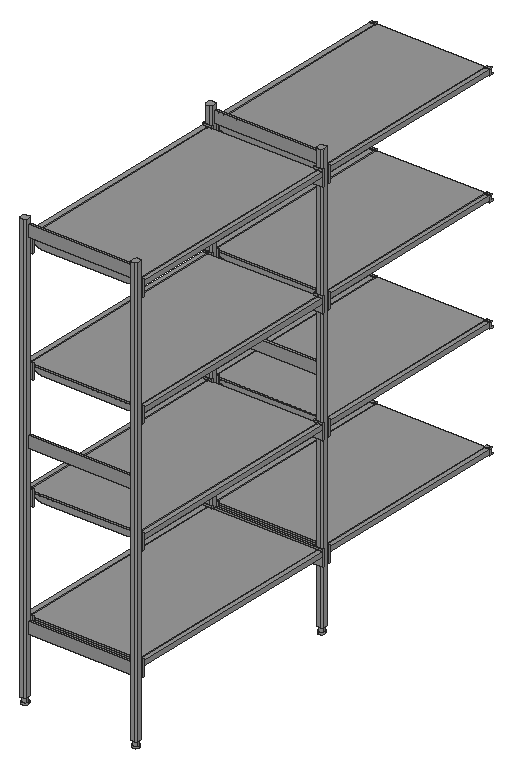
Revit family "QF_ELECTROLUXPROFESSIONAL_137081_CLS1752", category Attrezzature speciali, Revit 2020
Family settings
  Quota connettore circolare = Usa diametro
  Tipo di parte = Normale
  Basato su piano di lavoro = No
  Sempre verticale = Sì
  Taglio con vuoti quando caricato = No
  Condiviso = No
  Punto di calcolo locali = No
Parameters (values of type "Standard")
  Weight = 32.00 kg
  Watts = 0 W
  Volts = 0 V
  URL Manufacturer = "https://www.electroluxprofessional.com/"
  URL = "https://www.electroluxprofessional.com/"
  Steam Supply Size = 0 mm
  Steam Supply Minimum Pressure = 0.0 Pa
  Steam Supply Maximum Pressure = 0.0 Pa
  Steam Consumption per Hour = 0
  Refrigeration Suction Line Size = 0.0 mm
  Refrigeration Liquid Line Size = 0.0 mm
  Refrigerant Compressor Remote = yes
  Prospetto di default = 0.0 mm
  Phase = 0
  Modello = "CLS1752"
  Produttore = "Electrolux Professional"
  Length Actual = 1756.0 mm  # constant formula
  Item Number = "137081"
  Hot Water Size = 0 mm
  Height Actual = 1700.0 mm  # constant formula
  HP = "0 HP"
  Gas Size = 0 mm
  Gas KW = 0
  Gas Input Pressure = 0 W
  Direct Waste Size = 0 mm
  Descrizione = "ALUM.CORNER SHELV.-POLY.TIERS-475X1756MM"
  Depth Actual = 475.0 mm  # constant formula
  Cycle = 0 Hz
  Condensate Return Size = 0 mm
  Compressed Air Volume = 0.0 L/s
  Compressed Air Size = 0 mm
  Compressed Air Pressure = 0.0 Pa
  Cold Water Size = 0 mm
  Accessory = yes
Reference planes
  plane 1: z = 0
  plane 2 "CenterLeft": y = -535.5
  plane 3 "FRONT": y = -921.5
  plane 4 "LEFT": x = 192.5
  plane 5 "RIGHT": x = 667.5
  plane 6 "TOP": z = 1700
  plane 7: y = -889.5
  plane 8: y = -3.5
  plane 9 "Center (Left/Back)": x = 430
  plane 10: x = 256
  plane 11: x = 668
  plane 12 "FEET": z = 25
  plane 13: z = 275
  plane 14: z = 725
  plane 15: z = 1175
  plane 16: z = 1625
  plane 17 "CXLeft": y = -907.5
  plane 18 "Center (Front/Back)": y = 14.5
  plane 19 "CYFront": x = 510
  plane 20: y = 830.5
  plane 21: y = 32.5
  plane 22 "BACK": y = 834.5
  plane 23 "LEFT_ORIGIN": x = 158.5
  plane 24 "BACK_ORIGIN": y = 1309.5
Forms (mm)
  Extrusion 1, solid, material "QF_Aluminum"
    sketch origin (38.022, -921.5, -4.006) x (-1, 0, 0) y (0, 0, 1)
      loop
        line (-189.5, 1637.003) -> (-173.5, 1637.003) -> (-173.5, 1655) -> (-175.493, 1655) -> (-175.493, 1648.501) -> (-608.5, 1648.501) -> (-608.5, 1655) -> (-610.5, 1655) -> (-610.5, 1637.003) -> (-594.5, 1637.003) -> (-560.5, 1625) -> (-223.5, 1625) -> (-189.5, 1637.003)
      loop
        line (-189.5, 1187.003) -> (-173.5, 1187.003) -> (-173.5, 1205) -> (-175.493, 1205) -> (-175.493, 1198.501) -> (-608.5, 1198.501) -> (-608.5, 1205) -> (-610.5, 1205) -> (-610.5, 1187.003) -> (-594.5, 1187.003) -> (-560.5, 1175) -> (-223.5, 1175) -> (-189.5, 1187.003)
      loop
        line (-189.5, 737.003) -> (-173.5, 737.003) -> (-173.5, 755) -> (-175.493, 755) -> (-175.493, 748.501) -> (-608.5, 748.501) -> (-608.5, 755) -> (-610.5, 755) -> (-610.5, 737.003) -> (-594.5, 737.003) -> (-560.5, 725) -> (-223.5, 725) -> (-189.5, 737.003)
      loop
        line (-189.5, 287.003) -> (-173.5, 287.003) -> (-173.5, 305) -> (-175.493, 305) -> (-175.493, 298.501) -> (-608.5, 298.501) -> (-608.5, 305) -> (-610.5, 305) -> (-610.5, 287.003) -> (-594.5, 287.003) -> (-560.5, 275) -> (-223.5, 275) -> (-189.5, 287.003)
    from 37 to 32
  Extrusion 2, solid, material "QF_Aluminum"
    sketch origin (38.022, -921.5, 0) x (-1, 0, 0) y (0, 0, 1)
      loop
        line (-154.478, 246.005) -> (-154.478, 307.993) -> (-190.471, 307.993) -> (-190.471, 246.005) -> (-154.478, 246.005)
      loop
        line (-593.484, 246.005) -> (-593.484, 307.993) -> (-629.478, 307.993) -> (-629.478, 246.005) -> (-593.484, 246.005)
      loop
        line (-154.478, 696.005) -> (-154.478, 757.993) -> (-190.471, 757.993) -> (-190.471, 696.005) -> (-154.478, 696.005)
      loop
        line (-593.484, 696.005) -> (-593.484, 757.993) -> (-629.478, 757.993) -> (-629.478, 696.005) -> (-593.484, 696.005)
      loop
        line (-154.478, 1146.005) -> (-154.478, 1207.993) -> (-190.471, 1207.993) -> (-190.471, 1146.005) -> (-154.478, 1146.005)
      loop
        line (-593.484, 1146.005) -> (-593.484, 1207.993) -> (-629.478, 1207.993) -> (-629.478, 1146.005) -> (-593.484, 1146.005)
      loop
        line (-154.478, 1596.005) -> (-154.478, 1657.993) -> (-190.471, 1657.993) -> (-190.471, 1596.005) -> (-154.478, 1596.005)
      loop
        line (-593.484, 1596.005) -> (-593.484, 1657.993) -> (-629.478, 1657.993) -> (-629.478, 1596.005) -> (-593.484, 1596.005)
    from 28 to 32
  Extrusion 3, solid, material "QF_Aluminum"
    sketch origin (38.022, -921.5, 0) x (-1, 0, 0) y (0, 0, 1)
      loop
        line (-154.5, 1650.994) -> (-173.5, 1650.994) -> (-173.5, 1632.998) -> (-154.5, 1632.998) -> (-154.5, 1650.994)
      loop
        line (-154.5, 1200.994) -> (-173.5, 1200.994) -> (-173.5, 1182.998) -> (-154.5, 1182.998) -> (-154.5, 1200.994)
      loop
        line (-154.5, 750.994) -> (-173.5, 750.994) -> (-173.5, 732.998) -> (-154.5, 732.998) -> (-154.5, 750.994)
      loop
        line (-154.5, 300.994) -> (-173.5, 300.994) -> (-173.5, 282.998) -> (-154.5, 282.998) -> (-154.5, 300.994)
      loop
        line (-629.455, 1650.994) -> (-629.455, 1632.998) -> (-610.455, 1632.998) -> (-610.455, 1650.994) -> (-629.455, 1650.994)
      loop
        line (-629.455, 1200.994) -> (-629.455, 1182.998) -> (-610.455, 1182.998) -> (-610.455, 1200.994) -> (-629.455, 1200.994)
      loop
        line (-629.455, 750.994) -> (-629.455, 732.998) -> (-610.455, 732.998) -> (-610.455, 750.994) -> (-629.455, 750.994)
      loop
        line (-629.455, 300.994) -> (-629.455, 282.998) -> (-610.455, 282.998) -> (-610.455, 300.994) -> (-629.455, 300.994)
    from 32 to 918
  Extrusion 4, solid, material "QF_Polyethylene"
    sketch origin (38.022, -921.5, 0) x (-1, 0, 0) y (0, 0, 1)
      loop
        line (-175.493, 1650.994) -> (-608.5, 1650.994) -> (-608.5, 1644.496) -> (-175.493, 1644.496) -> (-175.493, 1650.994)
      loop
        line (-175.493, 1200.994) -> (-608.5, 1200.994) -> (-608.5, 1194.496) -> (-175.493, 1194.496) -> (-175.493, 1200.994)
      loop
        line (-175.493, 750.994) -> (-608.5, 750.994) -> (-608.5, 744.496) -> (-175.493, 744.496) -> (-175.493, 750.994)
      loop
        line (-175.493, 300.994) -> (-608.5, 300.994) -> (-608.5, 294.496) -> (-175.493, 294.496) -> (-175.493, 300.994)
    from 32 to 918
  Extrusion 5, solid, material "QF_Aluminum"
    sketch origin (38.022, 684.5, 0) x (-1, 0, 0) y (0, 0, 1)
      loop
        line (-154.5, 1650.994) -> (-173.5, 1650.994) -> (-173.5, 1632.998) -> (-154.5, 1632.998) -> (-154.5, 1650.994)
      loop
        line (-610.455, 1650.994) -> (-629.455, 1650.994) -> (-629.455, 1632.998) -> (-610.455, 1632.998) -> (-610.455, 1650.994)
      loop
        line (-154.5, 1200.994) -> (-173.5, 1200.994) -> (-173.5, 1182.998) -> (-154.5, 1182.998) -> (-154.5, 1200.994)
      loop
        line (-610.455, 1200.994) -> (-629.455, 1200.994) -> (-629.455, 1182.998) -> (-610.455, 1182.998) -> (-610.455, 1200.994)
      loop
        line (-154.5, 750.994) -> (-173.5, 750.994) -> (-173.5, 732.998) -> (-154.5, 732.998) -> (-154.5, 750.994)
      loop
        line (-610.455, 750.994) -> (-629.455, 750.994) -> (-629.455, 732.998) -> (-610.455, 732.998) -> (-610.455, 750.994)
      loop
        line (-154.5, 300.994) -> (-173.5, 300.994) -> (-173.5, 282.998) -> (-154.5, 282.998) -> (-154.5, 300.994)
      loop
        line (-610.455, 300.994) -> (-629.455, 300.994) -> (-629.455, 282.998) -> (-610.455, 282.998) -> (-610.455, 300.994)
    from 146 to -652
  Extrusion 6, solid, material "QF_Polyethylene"
    sketch origin (38.022, 684.5, 0) x (-1, 0, 0) y (0, 0, 1)
      loop
        line (-175.493, 1650.994) -> (-608.5, 1650.994) -> (-608.5, 1644.496) -> (-175.493, 1644.496) -> (-175.493, 1650.994)
      loop
        line (-175.493, 1200.994) -> (-608.5, 1200.994) -> (-608.5, 1194.496) -> (-175.493, 1194.496) -> (-175.493, 1200.994)
      loop
        line (-175.493, 750.994) -> (-608.5, 750.994) -> (-608.5, 744.496) -> (-175.493, 744.496) -> (-175.493, 750.994)
      loop
        line (-175.493, 300.994) -> (-608.5, 300.994) -> (-608.5, 294.496) -> (-175.493, 294.496) -> (-175.493, 300.994)
    from 146 to -652
Lines and regions (mm)
  symbolic lines
    curve 1: line (256, -912.5, 1700) -> (668, -912.5, 1700)
    curve 2: line (668, -902.5, 1700) -> (256, -902.5, 1700)
    curve 3: line (192.5, -893.5, 1700) -> (192.5, 0.5, 1700)
    curve 4: line (667.5, -889.5, 1700) -> (667.5, -3.5, 1700)
    curve 5: line (192.5, 28.5, 1700) -> (192.5, 834.5, 1700)
    curve 6: line (667.5, 28.5, 1700) -> (667.5, 834.5, 1700)
    curve 7: line (648.478, -3.5, 1700) -> (648.478, -889.5, 1700)
    curve 8: line (211.522, -889.5, 1700) -> (211.522, -3.5, 1700)
    curve 9: line (211.522, 32.5, 1700) -> (211.522, 830.5, 1700)
    curve 10: line (648.478, 830.5, 1700) -> (648.478, 32.5, 1700)
Dimensions and locks
  plane 3 "FRONT" to plane 2 "CenterLeft" = 386.0 mm
  locked: plane 6 "TOP" to level at 1700
  locked: plane 7 to plane 8 at 886
  locked: plane 10 to plane 11 at 412
  plane 10 to plane 9 "Center (Left/Back)" to plane 11 = 174.0 mm, 238.0 mm
  equal spacing: plane 4 "LEFT", plane 9 "Center (Left/Back)", plane 5 "RIGHT"
  plane 12 "FEET" to level = 25.0 mm
  plane 6 "TOP" to plane 12 "FEET" = 1675.0 mm
  plane 13 to plane 12 "FEET" = 250.0 mm
  plane 14 to plane 13 = 450.0 mm
  plane 15 to plane 14 = 450.0 mm
  plane 16 to plane 15 = 450.0 mm
  locked: plane 21 to plane 20 at 798
  locked: plane 8 to plane 18 "Center (Front/Back)" at 18
  locked: plane 18 "Center (Front/Back)" to plane 21 at 18
  locked: plane 3 "FRONT" to plane 7 at 32
  locked: plane 4 "LEFT" to plane 5 "RIGHT" at 475
  locked: plane 23 "LEFT_ORIGIN" to plane 5 "RIGHT" at 509
  locked: plane 22 "BACK" to plane 24 "BACK_ORIGIN" at 475
  locked: plane 22 "BACK" to plane 3 "FRONT" at 1756
  aligned and locked: level to plane 1
  aligned and locked: Extrusion 1 to plane 7
  aligned and locked: plane 7 to Extrusion 2
  aligned and locked: Extrusion 4 to plane 7
  aligned and locked: plane 8 to Extrusion 4
  aligned and locked: Extrusion 3 to plane 7
  aligned and locked: plane 8 to Extrusion 3
  aligned and locked: Extrusion 1 sketch curve to Extrusion 1 sketch curve  (x3)
  aligned and locked: Extrusion 5 sketch curve to Extrusion 5 sketch curve  (x2)
  aligned and locked: Extrusion 5 to plane 21  (x5)
  aligned and locked: Extrusion 6 to plane 21  (x5)
  aligned and locked: nested 2 to plane 18 "Center (Front/Back)"
  aligned and locked: plane 17 "CXLeft" to nested 1
  aligned and locked: plane 7 to Extrusion 3  (x3)
  aligned and locked: Extrusion 3 to plane 8  (x4)
  aligned and locked: Extrusion 4 to plane 8  (x4)
  aligned and locked: plane 20 to Extrusion 5
  aligned and locked: plane 20 to Extrusion 6
  aligned and locked: Extrusion 5 to plane 20  (x3)
  aligned and locked: Extrusion 6 to plane 20  (x3)
  aligned and locked: plane 9 "Center (Left/Back)" to nested 2
  aligned and locked: nested 3 to plane 22 "BACK"
Automatic sketch dimensions
  Extrusion 1 sketch curve to plane 19 "CYFront" = 138.522 mm  (x4)
  plane 11 to Extrusion 1 sketch curve = 35.478 mm  (x4)
  Extrusion 1 sketch curve to plane 13 = 4.006 mm
  Extrusion 1 sketch curve to Extrusion 1 sketch curve = 34.0 mm  (x4)
  Extrusion 1 sketch curve to plane 14 = 4.006 mm
  Extrusion 1 sketch curve to plane 15 = 4.006 mm
  Extrusion 1 sketch curve to plane 16 = 4.006 mm
  Extrusion 1 sketch curve to plane 10 = 5.522 mm  (x4)
  plane 10 to Extrusion 1 sketch curve = 28.478 mm  (x4)
  plane 13 to Extrusion 1 sketch curve = 7.998 mm  (x2)
  Extrusion 1 sketch curve to Extrusion 1 sketch curve = 11.498 mm  (x4)
  Extrusion 1 sketch curve to Extrusion 1 sketch curve = 6.499 mm  (x8)
  plane 14 to Extrusion 1 sketch curve = 7.998 mm  (x2)
  plane 15 to Extrusion 1 sketch curve = 7.998 mm  (x2)
  plane 16 to Extrusion 1 sketch curve = 7.998 mm  (x2)
  plane 5 "RIGHT" to Extrusion 2 sketch curve = 35.993 mm  (x4)
  Extrusion 2 sketch curve to plane 4 "LEFT" = 0.0 mm  (x4)
  plane 11 to Extrusion 2 sketch curve = 0.5 mm  (x4)
  plane 10 to Extrusion 2 sketch curve = 27.507 mm  (x4)
  Extrusion 2 sketch curve to plane 13 = 28.995 mm  (x2)
  plane 13 to Extrusion 2 sketch curve = 32.993 mm  (x2)
  Extrusion 2 sketch curve to plane 14 = 28.995 mm  (x2)
  plane 14 to Extrusion 2 sketch curve = 32.993 mm  (x2)
  Extrusion 2 sketch curve to plane 15 = 28.995 mm  (x2)
  plane 15 to Extrusion 2 sketch curve = 32.993 mm  (x2)
  Extrusion 2 sketch curve to plane 16 = 28.995 mm  (x2)
  plane 16 to Extrusion 2 sketch curve = 32.993 mm  (x2)
  plane 13 to Extrusion 4 sketch curve = 19.496 mm
  Extrusion 4 sketch curve to Extrusion 4 sketch curve = 6.499 mm  (x4)
  plane 14 to Extrusion 4 sketch curve = 19.496 mm
  plane 15 to Extrusion 4 sketch curve = 19.496 mm
  plane 16 to Extrusion 4 sketch curve = 19.496 mm
  plane 5 "RIGHT" to Extrusion 5 sketch curve = 0.022 mm  (x4)
  Extrusion 5 sketch curve to plane 4 "LEFT" = 19.022 mm  (x4)
  Extrusion 5 sketch curve to plane 19 "CYFront" = 138.478 mm  (x2)
  plane 13 to Extrusion 5 sketch curve = 7.998 mm  (x2)
  Extrusion 5 sketch curve to Extrusion 5 sketch curve = 17.997 mm  (x8)
  plane 14 to Extrusion 5 sketch curve = 7.998 mm  (x2)
  plane 15 to Extrusion 5 sketch curve = 7.998 mm  (x2)
  plane 16 to Extrusion 5 sketch curve = 7.998 mm  (x2)
  Extrusion 6 sketch curve to plane 19 "CYFront" = 136.522 mm  (x4)
  plane 13 to Extrusion 6 sketch curve = 19.496 mm
  Extrusion 6 sketch curve to Extrusion 6 sketch curve = 6.499 mm  (x4)
  plane 14 to Extrusion 6 sketch curve = 19.496 mm
  plane 15 to Extrusion 6 sketch curve = 19.496 mm
  plane 16 to Extrusion 6 sketch curve = 19.496 mm
  plane 5 "RIGHT" to Extrusion 3 sketch curve = 0.022 mm  (x4)
  Extrusion 3 sketch curve to Extrusion 3 sketch curve = 19.0 mm  (x4)
  plane 14 to Extrusion 3 sketch curve = 7.998 mm  (x2)
  plane 10 to Extrusion 3 sketch curve = 44.478 mm  (x4)
  Extrusion 3 sketch curve to plane 4 "LEFT" = 0.022 mm  (x4)
  plane 13 to Extrusion 3 sketch curve = 25.994 mm  (x2)
  plane 13 to Extrusion 3 sketch curve = 7.998 mm  (x2)
  Extrusion 3 sketch curve to Extrusion 3 sketch curve = 17.997 mm  (x6)
  plane 15 to Extrusion 3 sketch curve = 7.998 mm  (x2)
  plane 16 to Extrusion 3 sketch curve = 7.998 mm  (x2)
  plane 10 to Extrusion 1 sketch curve = 42.484 mm  (x4)
  plane 10 to Extrusion 1 sketch curve = 44.478 mm  (x2)
  Extrusion 1 sketch curve to Extrusion 1 sketch curve = 1.993 mm  (x2)
  plane 10 to Extrusion 4 sketch curve = 42.484 mm  (x4)
  Extrusion 5 sketch curve to plane 4 "LEFT" = 0.022 mm  (x4)
  plane 10 to Extrusion 6 sketch curve = 42.484 mm  (x4)
  Extrusion 1 sketch curve to Extrusion 1 sketch curve = 2.0 mm
  plane 5 "RIGHT" to Extrusion 4 sketch curve = 20.978 mm  (x4)
  curve 1 to plane 11 = 0.0 mm
  curve 1 to plane 10 = 0.0 mm
  curve 2 to plane 10 = 0.0 mm
  curve 2 to plane 11 = 0.0 mm
  curve 3 to plane 4 "LEFT" = 0.0 mm
  curve 4 to plane 5 "RIGHT" = 0.0 mm
  plane 7 to curve 4 = 0.0 mm
  plane 7 to curve 8 = 0.0 mm
  plane 8 to curve 8 = 0.0 mm
  plane 8 to curve 7 = 0.0 mm
  plane 8 to curve 4 = 0.0 mm
  curve 5 to plane 4 "LEFT" = 0.0 mm
  curve 6 to plane 5 "RIGHT" = 0.0 mm
  plane 20 to curve 9 = 0.0 mm
  plane 22 "BACK" to curve 5 = 0.0 mm
  plane 22 "BACK" to curve 6 = 0.0 mm
  plane 7 to curve 3 = 4.0 mm
  plane 17 "CXLeft" to curve 2 = 5.0 mm
  curve 1 to plane 17 "CXLeft" = 5.0 mm
  curve 3 to plane 8 = 4.0 mm
  curve 6 to plane 21 = 4.0 mm
  curve 9 to plane 4 "LEFT" = 19.022 mm
  curve 8 to plane 4 "LEFT" = 19.022 mm
  curve 9 to plane 21 = 0.0 mm
  plane 21 to curve 10 = 0.0 mm
  curve 5 to plane 21 = 4.0 mm
  plane 7 to curve 7 = 0.0 mm
  curve 4 to curve 7 = 19.022 mm
  plane 20 to curve 10 = 0.0 mm
  plane 5 "RIGHT" to curve 10 = 19.022 mm
Nested families
  nested 1: "WT_Anta475" at (215.5, -504.5, 0) x (0, 1, 0) z (0, 0, 1), type "WT_Anta475"
  nested 2: "WT_Anta475Center" at (215.5, 417.5, 0) x (0, 1, 0) z (0, 0, 1), type "WT_Anta475Center"
  nested 3: "WT_Aggancio475" at (215.5, 1242.5, 0) x (0, 1, 0) z (0, 0, 1), type "WT_Aggancio475"
Definition of nested family "WT_Anta475"
  Parameters
    WidthLeft = A + 64.0 mm  # 772.0 mm
    Width = 1606.0 mm
    Right = WidthLeft / 2  # 386.0 mm
    Default Elevation = 0.0 mm
    Left = -WidthLeft / 2  # -386.0 mm
    Height = 1725.0 mm
    FEET = 25.0 mm
    E = 0.0 mm
    Dint = Depth - 63.0 mm  # 412.0 mm
    Dext = Depth - 8.0 mm  # 467.0 mm
    Depth = 475.0 mm
    DX = (WidthLeft - A) / 2  # 32.0 mm
    B = 798.0 mm
    A = 708.0 mm
  Reference planes
    plane 1: z = 0
    plane 2 "LEFT": x = -417
    plane 3 "BACK": y = 23
    plane 4 "FRONT": y = -452
    plane 5 "TOP": z = 1725
    plane 6 "Center (Front/Back)": y = -214.5
    plane 7: y = -8.5
    plane 8: y = -420.5
    plane 9 "FEET": z = 25
    plane 10: z = 275
    plane 11: z = 725
    plane 12: z = 1175
    plane 13: z = 1625
    plane 14 "CXLeft": x = -403
    plane 15: y = 5.5
    plane 16 "CYBack": y = 5.5
    plane 17 "CYFront": y = -434.5
    plane 18: x = -385.031
    plane 19: x = -380.031
  Forms (mm)
    Extrusion 1, solid
      sketch origin (0, 0, 0) x (1, 0, 0) y (0, 1, 0)
        loop
          line (-417, 13.246) -> (-417, -2.246) -> (-410.746, -8.5) -> (-395.254, -8.5) -> (-389, -2.246) -> (-389, 13.246) -> (-395.254, 19.5) -> (-410.746, 19.5) -> (-417, 13.246)
      from 1725 to 25
    Extrusion 2, solid
      sketch origin (-417, 0, 0) x (0, 1, 0) y (0, 0, 1)
        loop
          line (23, 246.005) -> (23, 307.993) -> (-12.993, 307.993) -> (-12.993, 246.005) -> (23, 246.005)
        loop
          line (-452, 246.005) -> (-416.007, 246.005) -> (-416.007, 307.993) -> (-452, 307.993) -> (-452, 246.005)
        loop
          line (23, 696.005) -> (23, 757.993) -> (-12.993, 757.993) -> (-12.993, 696.005) -> (23, 696.005)
        loop
          line (-452, 696.005) -> (-416.007, 696.005) -> (-416.007, 757.993) -> (-452, 757.993) -> (-452, 696.005)
        loop
          line (23, 1146.005) -> (23, 1207.993) -> (-12.993, 1207.993) -> (-12.993, 1146.005) -> (23, 1146.005)
        loop
          line (-452, 1146.005) -> (-416.007, 1146.005) -> (-416.007, 1207.993) -> (-452, 1207.993) -> (-452, 1146.005)
        loop
          line (23, 1596.005) -> (23, 1657.993) -> (-12.993, 1657.993) -> (-12.993, 1596.005) -> (23, 1596.005)
        loop
          line (-452, 1596.005) -> (-416.007, 1596.005) -> (-416.007, 1657.993) -> (-452, 1657.993) -> (-452, 1596.005)
      from 28 to 32
    Revolve 3, solid
      sketch origin (-403, 0, 0) x (0, 1, 0) y (0, 0, 1)
        loop
          line (5.5, 25) -> (5.5, 0) -> (19, 0) -> (19, 5) -> (14, 5) -> (14, 25) -> (5.5, 25)
        axis (5.5, 25) -> (5.5, 0)
      angle from 0 to 360
    Extrusion 4, solid
      sketch origin (-403, 0, 0) x (0, 1, 0) y (0, 0, 1)
        loop
          line (-8.5, 912.382) -> (-8.5, 957.374) -> (-420.5, 957.374) -> (-420.5, 912.382) -> (-8.5, 912.382)
        loop
          line (-8.5, 1662.244) -> (-8.5, 1707.236) -> (-420.5, 1707.236) -> (-420.5, 1662.244) -> (-8.5, 1662.244)
      from -5 to 5
    Revolve 5, solid
      sketch origin (-403, -627, 0) x (0, -1, 0) y (0, 0, 1)
        loop
          line (-192.5, 25) -> (-192.5, 0) -> (-179, 0) -> (-179, 5) -> (-184, 5) -> (-184, 25) -> (-192.5, 25)
        axis (-192.5, 25) -> (-192.5, 0)
      angle from 0 to 360
    Extrusion 6, solid
      sketch origin (0, -627, 0) x (1, 0, 0) y (0, 1, 0)
        loop
          line (-417, 184.754) -> (-410.746, 178.5) -> (-395.254, 178.5) -> (-389, 184.754) -> (-389, 200.246) -> (-395.254, 206.5) -> (-410.746, 206.5) -> (-417, 200.246) -> (-417, 184.754)
      from 1725 to 25
    Extrusion 7, solid
      sketch origin (-417.031, -0.022, 0) x (0, 1, 0) y (0, 0, -1)
        loop
          line (-12, -1632.998) -> (-46, -1620.994) -> (-383, -1620.994) -> (-417, -1632.998) -> (-433, -1632.998) -> (-433, -1650.994) -> (-431, -1650.994) -> (-431, -1644.496) -> (2.007, -1644.496) -> (2.007, -1650.994) -> (4, -1650.994) -> (4, -1632.998) -> (-12, -1632.998)
        loop
          line (-12, -1182.998) -> (-46, -1170.994) -> (-383, -1170.994) -> (-417, -1182.998) -> (-433, -1182.998) -> (-433, -1200.994) -> (-431, -1200.994) -> (-431, -1194.496) -> (2.007, -1194.496) -> (2.007, -1200.994) -> (4, -1200.994) -> (4, -1182.998) -> (-12, -1182.998)
        loop
          line (-12, -732.998) -> (-46, -720.994) -> (-383, -720.994) -> (-417, -732.998) -> (-433, -732.998) -> (-433, -750.994) -> (-431, -750.994) -> (-431, -744.496) -> (2.007, -744.496) -> (2.007, -750.994) -> (4, -750.994) -> (4, -732.998) -> (-12, -732.998)
        loop
          line (-12, -282.998) -> (-46, -270.994) -> (-383, -270.994) -> (-417, -282.998) -> (-433, -282.998) -> (-433, -300.994) -> (-431, -300.994) -> (-431, -294.496) -> (2.007, -294.496) -> (2.007, -300.994) -> (4, -300.994) -> (4, -282.998) -> (-12, -282.998)
      from -32 to -37
    Extrusion 8, solid
      sketch origin (-403, 0, -659.878) x (0, 1, 0) y (0, 0, 1)
        loop
          line (-8.5, 912.382) -> (-8.5, 957.374) -> (-420.5, 957.374) -> (-420.5, 912.382) -> (-8.5, 912.382)
        loop
          line (-8.5, 1572.382) -> (-8.5, 1617.374) -> (-420.5, 1617.374) -> (-420.5, 1572.382) -> (-8.5, 1572.382)
        loop
          line (-8.5, 2322.382) -> (-8.5, 2367.374) -> (-420.5, 2367.374) -> (-420.5, 2322.382) -> (-8.5, 2322.382)
      from -5 to 5
  Lines and regions (mm)
    symbolic lines
      curve 1: line (-408, -8.5, 1725) -> (-408, -420.5, 1725)
      curve 2: line (-398, -420.5, 1725) -> (-398, -8.5, 1725)
      curve 3: line (-395.254, -8.5, 1725) -> (-410.746, -8.5, 1725)
      curve 4: line (-417, -2.246, 1725) -> (-410.746, -8.5, 1725)
      curve 5: line (-417, 13.246, 1725) -> (-417, -2.246, 1725)
      curve 6: line (-410.746, 19.5, 1725) -> (-417, 13.246, 1725)
      curve 7: line (-395.254, 19.5, 1725) -> (-410.746, 19.5, 1725)
      curve 8: line (-389, 13.246, 1725) -> (-395.254, 19.5, 1725)
      curve 9: line (-395.254, -8.5, 1725) -> (-389, -2.246, 1725)
      curve 10: line (-395.254, -420.5, 1725) -> (-410.746, -420.5, 1725)
      curve 11: line (-417, -426.754, 1725) -> (-410.746, -420.5, 1725)
      curve 12: line (-410.746, -448.5, 1725) -> (-417, -442.246, 1725)
      curve 13: line (-395.254, -448.5, 1725) -> (-410.746, -448.5, 1725)
      curve 14: line (-389, -442.246, 1725) -> (-395.254, -448.5, 1725)
      curve 15: line (-395.254, -420.5, 1725) -> (-389, -426.754, 1725)
      curve 16: line (-389, -452, 1725) -> (-389, -416.007, 1725)
      curve 17: line (-389, -416.007, 1725) -> (-385, -416.007, 1725)
      curve 18: line (-389, 23, 1725) -> (-389, -12.993, 1725)
      curve 19: line (-389, -12.993, 1725) -> (-385, -12.993, 1725)
      curve 20: line (-417, -426.754, 1725) -> (-417, -442.246, 1725)
      curve 21: line (-385, -452, 1725) -> (-385, -416.007, 1725)
      curve 22: line (-385, -452, 1725) -> (-389, -452, 1725)
      curve 23: line (-385, 23, 1725) -> (-389, 23, 1725)
      curve 24: line (-385, -12.993, 1725) -> (-385, 23, 1725)
      curve 25: line (-385.031, -13.016, 1725) -> (-385.031, -416.029, 1725)
  Dimensions and locks
    "Height": plane 5 "TOP" to level
    "Depth": plane 3 "BACK" to plane 4 "FRONT"
    "Dint": plane 7 to plane 8
    equal spacing: plane 7, plane 6 "Center (Front/Back)", plane 8
    equal spacing: plane 3 "BACK", plane 6 "Center (Front/Back)", plane 4 "FRONT"
    plane 9 "FEET" to level = 25.0 mm
    plane 5 "TOP" to plane 9 "FEET" = 1700.0 mm
    plane 10 to plane 9 "FEET" = 250.0 mm
    plane 11 to plane 10 = 450.0 mm
    plane 12 to plane 11 = 450.0 mm
    plane 13 to plane 12 = 450.0 mm
    locked: plane 2 "LEFT" to plane 14 "CXLeft" at 14
    locked: plane 3 "BACK" to plane 16 "CYBack" at 17.5
    locked: plane 17 "CYFront" to plane 4 "FRONT" at 17.5
    locked: Revolve 3 sketch curve to Revolve 3 sketch curve at 8.5
    locked: Revolve 3 sketch curve to plane 16 "CYBack" at 13.5
    locked: Revolve 5 sketch curve to Revolve 5 sketch curve at 8.5
    aligned and locked: level to plane 1
    aligned and locked: curve 20 to Extrusion 6
    aligned and locked: plane 5 "TOP" to Extrusion 1
    aligned and locked: plane 5 "TOP" to Extrusion 6
    aligned and locked: Extrusion 7 sketch curve to Extrusion 7 sketch curve  (x3)
  Automatic sketch dimensions
    curve 16 to plane 4 "FRONT" = 0.0 mm
    curve 11 to plane 8 = 0.0 mm
    curve 9 to plane 7 = 0.0 mm
    curve 5 to plane 2 "LEFT" = 0.0 mm
    curve 23 to plane 3 "BACK" = 0.0 mm
    plane 4 "FRONT" to curve 13 = 3.5 mm
    curve 20 to plane 17 "CYFront" = 7.746 mm
    curve 20 to plane 8 = 6.254 mm
    plane 8 to curve 16 = 4.493 mm
    curve 24 to plane 18 = 0.031 mm
    curve 24 to plane 7 = 4.493 mm
    plane 7 to curve 5 = 6.254 mm
    curve 5 to plane 15 = 7.746 mm
    curve 6 to plane 3 "BACK" = 3.5 mm
    curve 21 to plane 18 = 0.031 mm
    plane 18 to curve 23 = 3.969 mm
    plane 18 to curve 16 = 3.969 mm
    curve 18 to curve 8 = 6.254 mm
    curve 18 to curve 3 = 6.254 mm
    curve 16 to curve 13 = 6.254 mm
    curve 16 to curve 15 = 6.254 mm
    plane 2 "LEFT" to curve 10 = 6.254 mm
    plane 2 "LEFT" to curve 7 = 6.254 mm
    plane 2 "LEFT" to curve 12 = 6.254 mm
    plane 2 "LEFT" to curve 3 = 6.254 mm
    curve 14 to plane 17 "CYFront" = 7.746 mm
    curve 15 to plane 8 = 6.254 mm
    plane 7 to curve 9 = 6.254 mm
    curve 8 to plane 15 = 7.746 mm
    curve 3 to curve 2 = 2.746 mm
    curve 1 to curve 10 = 2.746 mm
    Extrusion 1 sketch curve to plane 2 "LEFT" = 0.0 mm
    Extrusion 1 sketch curve to plane 7 = 0.0 mm
    plane 2 "LEFT" to Extrusion 1 sketch curve = 6.254 mm  (x2)
    plane 14 "CXLeft" to Extrusion 1 sketch curve = 7.746 mm  (x2)
    Extrusion 1 sketch curve to plane 3 "BACK" = 3.5 mm
    plane 18 to Extrusion 1 sketch curve = 3.969 mm
    plane 7 to Extrusion 1 sketch curve = 6.254 mm  (x2)
    Extrusion 1 sketch curve to plane 15 = 7.746 mm  (x2)
    Extrusion 2 sketch curve to plane 4 "FRONT" = 0.0 mm  (x4)
    Extrusion 2 sketch curve to plane 3 "BACK" = 0.0 mm  (x4)
    plane 8 to Extrusion 2 sketch curve = 4.493 mm  (x4)
    Extrusion 2 sketch curve to plane 7 = 4.493 mm  (x4)
    Extrusion 2 sketch curve to plane 10 = 28.995 mm  (x2)
    plane 10 to Extrusion 2 sketch curve = 32.993 mm  (x2)
    Extrusion 2 sketch curve to plane 11 = 28.995 mm  (x2)
    plane 11 to Extrusion 2 sketch curve = 32.993 mm  (x2)
    Extrusion 2 sketch curve to plane 12 = 28.995 mm  (x2)
    plane 12 to Extrusion 2 sketch curve = 32.993 mm  (x2)
    Extrusion 2 sketch curve to plane 13 = 28.995 mm  (x2)
    plane 13 to Extrusion 2 sketch curve = 32.993 mm  (x2)
    Revolve 3 sketch curve to plane 9 "FEET" = 0.0 mm  (x2)
    Revolve 3 sketch curve to plane 15 = 0.0 mm  (x2)
    Revolve 3 sketch curve to level = 0.0 mm
    level to Revolve 3 sketch curve = 5.0 mm
    Revolve 3 sketch curve to Revolve 3 sketch curve = 11.655 mm
    Extrusion 4 sketch curve to plane 8 = 0.0 mm  (x2)
    Extrusion 4 sketch curve to plane 7 = 0.0 mm  (x2)
    plane 11 to Extrusion 4 sketch curve = 187.382 mm
    Extrusion 4 sketch curve to Extrusion 4 sketch curve = 44.992 mm
    plane 13 to Extrusion 4 sketch curve = 37.244 mm
    Extrusion 4 sketch curve to plane 5 "TOP" = 17.764 mm
    Revolve 5 sketch curve to plane 9 "FEET" = 0.0 mm  (x2)
    Revolve 5 sketch curve to plane 17 "CYFront" = 0.0 mm  (x2)
    Revolve 5 sketch curve to level = 0.0 mm
    Revolve 5 sketch curve to plane 4 "FRONT" = 4.0 mm
    Revolve 5 sketch curve to Revolve 5 sketch curve = 5.0 mm
    level to Revolve 5 sketch curve = 11.655 mm
    Extrusion 6 sketch curve to plane 2 "LEFT" = 0.0 mm
    Extrusion 6 sketch curve to plane 8 = 0.0 mm
    Extrusion 6 sketch curve to plane 2 "LEFT" = 6.254 mm  (x2)
    Extrusion 6 sketch curve to plane 14 "CXLeft" = 7.746 mm  (x2)
    Extrusion 6 sketch curve to plane 4 "FRONT" = 3.5 mm
    Extrusion 6 sketch curve to plane 18 = 3.969 mm
    plane 8 to Extrusion 6 sketch curve = 6.254 mm  (x2)
    plane 17 "CYFront" to Extrusion 6 sketch curve = 7.746 mm  (x2)
    plane 17 "CYFront" to Extrusion 7 sketch curve = 1.478 mm  (x4)
    Extrusion 7 sketch curve to Extrusion 7 sketch curve = 2.0 mm
    plane 8 to Extrusion 7 sketch curve = 3.478 mm  (x4)
    Extrusion 7 sketch curve to plane 10 = 4.006 mm
    Extrusion 7 sketch curve to Extrusion 7 sketch curve = 34.0 mm  (x4)
    Extrusion 7 sketch curve to plane 11 = 4.006 mm
    Extrusion 7 sketch curve to plane 12 = 4.006 mm
    Extrusion 7 sketch curve to plane 13 = 4.006 mm
    Extrusion 7 sketch curve to plane 7 = 37.522 mm  (x4)
    Extrusion 7 sketch curve to plane 7 = 3.522 mm  (x4)
    plane 15 to Extrusion 7 sketch curve = 3.516 mm  (x4)
    plane 15 to Extrusion 7 sketch curve = 1.522 mm  (x4)
    plane 13 to Extrusion 7 sketch curve = 7.998 mm  (x2)
    Extrusion 7 sketch curve to Extrusion 7 sketch curve = 11.498 mm
    Extrusion 7 sketch curve to Extrusion 7 sketch curve = 6.499 mm  (x5)
    plane 12 to Extrusion 7 sketch curve = 25.994 mm  (x2)
    plane 12 to Extrusion 7 sketch curve = 7.998 mm  (x2)
    plane 11 to Extrusion 7 sketch curve = 25.994 mm  (x2)
    plane 11 to Extrusion 7 sketch curve = 7.998 mm  (x2)
    plane 10 to Extrusion 7 sketch curve = 25.994 mm  (x2)
    plane 10 to Extrusion 7 sketch curve = 7.998 mm  (x2)
    curve 25 to plane 18 = 0.0 mm
    plane 8 to curve 25 = 4.471 mm
    curve 25 to plane 7 = 4.516 mm
    Extrusion 8 sketch curve to plane 8 = 0.0 mm  (x3)
    Extrusion 8 sketch curve to plane 7 = 0.0 mm  (x3)
    Extrusion 8 sketch curve to plane 10 = 22.496 mm
    plane 10 to Extrusion 8 sketch curve = 22.496 mm
    plane 11 to Extrusion 8 sketch curve = 187.504 mm
    Extrusion 8 sketch curve to Extrusion 8 sketch curve = 44.992 mm
    plane 13 to Extrusion 8 sketch curve = 37.504 mm
    Extrusion 8 sketch curve to plane 5 "TOP" = 17.504 mm
Definition of nested family "WT_Anta475Center"
  Parameters
    WidthLeft = A + 64.0 mm  # 772.0 mm
    Width = 1606.0 mm
    Right = WidthLeft / 2  # 386.0 mm
    Default Elevation = 0.0 mm
    Left = -WidthLeft / 2  # -386.0 mm
    Height = 1725.0 mm
    FEET = 25.0 mm
    E = 0.0 mm
    Dint = Depth - 63.0 mm  # 412.0 mm
    Dext = Depth - 8.0 mm  # 467.0 mm
    Depth = 475.0 mm
    DX = (WidthLeft - A) / 2  # 32.0 mm
    B = 798.0 mm
    A = 708.0 mm
  Reference planes
    plane 1: z = 0
    plane 2 "L": x = -417
    plane 3 "BACK": y = 23
    plane 4 "FRONT": y = -452
    plane 5 "TOP": z = 1725
    plane 6 "Center (Front/Back)": y = -214.5
    plane 7: y = -8.5
    plane 8: y = -420.5
    plane 9 "FEET": z = 25
    plane 10: z = 275
    plane 11: z = 725
    plane 12: z = 1175
    plane 13: z = 1625
    plane 14 "CXLeft": x = -403
    plane 15: y = 5.5
    plane 16 "CYBack": y = 5.5
    plane 17 "CYFront": y = -434.5
    plane 18: x = -385.031
    plane 19 "RIGHT": x = -380.031
    plane 20: x = -420.969
    plane 21 "LEFT": x = -425.969
  Forms (mm)
    Extrusion 1, solid
      sketch origin (0, 0, 0) x (1, 0, 0) y (0, 1, 0)
        loop
          line (-417, 13.246) -> (-417, -2.246) -> (-410.746, -8.5) -> (-395.254, -8.5) -> (-389, -2.246) -> (-389, 13.246) -> (-395.254, 19.5) -> (-410.746, 19.5) -> (-417, 13.246)
      from 1725 to 25
    Extrusion 2, solid
      sketch origin (-417, 0, 0) x (0, 1, 0) y (0, 0, 1)
        loop
          line (23, 246.005) -> (23, 307.993) -> (-12.993, 307.993) -> (-12.993, 246.005) -> (23, 246.005)
        loop
          line (-452, 246.005) -> (-416.007, 246.005) -> (-416.007, 307.993) -> (-452, 307.993) -> (-452, 246.005)
        loop
          line (23, 696.005) -> (23, 757.993) -> (-12.993, 757.993) -> (-12.993, 696.005) -> (23, 696.005)
        loop
          line (-452, 696.005) -> (-416.007, 696.005) -> (-416.007, 757.993) -> (-452, 757.993) -> (-452, 696.005)
        loop
          line (23, 1146.005) -> (23, 1207.993) -> (-12.993, 1207.993) -> (-12.993, 1146.005) -> (23, 1146.005)
        loop
          line (-452, 1146.005) -> (-416.007, 1146.005) -> (-416.007, 1207.993) -> (-452, 1207.993) -> (-452, 1146.005)
        loop
          line (23, 1596.005) -> (23, 1657.993) -> (-12.993, 1657.993) -> (-12.993, 1596.005) -> (23, 1596.005)
        loop
          line (-452, 1596.005) -> (-416.007, 1596.005) -> (-416.007, 1657.993) -> (-452, 1657.993) -> (-452, 1596.005)
      from 28 to 32
    Revolve 3, solid
      sketch origin (-403, 0, 0) x (0, 1, 0) y (0, 0, 1)
        loop
          line (5.5, 25) -> (5.5, 0) -> (19, 0) -> (19, 5) -> (14, 5) -> (14, 25) -> (5.5, 25)
        axis (5.5, 25) -> (5.5, 0)
      angle from 0 to 360
    Extrusion 4, solid
      sketch origin (-403, 0, 0) x (0, 1, 0) y (0, 0, 1)
        loop
          line (-8.5, 912.382) -> (-8.5, 957.374) -> (-420.5, 957.374) -> (-420.5, 912.382) -> (-8.5, 912.382)
        loop
          line (-8.5, 1662.244) -> (-8.5, 1707.236) -> (-420.5, 1707.236) -> (-420.5, 1662.244) -> (-8.5, 1662.244)
      from -5 to 5
    Revolve 5, solid
      sketch origin (-403, -627, 0) x (0, -1, 0) y (0, 0, 1)
        loop
          line (-192.5, 25) -> (-192.5, 0) -> (-179, 0) -> (-179, 5) -> (-184, 5) -> (-184, 25) -> (-192.5, 25)
        axis (-192.5, 25) -> (-192.5, 0)
      angle from 0 to 360
    Extrusion 6, solid
      sketch origin (0, -627, 0) x (1, 0, 0) y (0, 1, 0)
        loop
          line (-417, 184.754) -> (-410.746, 178.5) -> (-395.254, 178.5) -> (-389, 184.754) -> (-389, 200.246) -> (-395.254, 206.5) -> (-410.746, 206.5) -> (-417, 200.246) -> (-417, 184.754)
      from 1725 to 25
    Extrusion 7, solid
      sketch origin (-417.031, -0.022, 0) x (0, 1, 0) y (0, 0, -1)
        loop
          line (-12, -1632.998) -> (-46, -1620.994) -> (-383, -1620.994) -> (-417, -1632.998) -> (-433, -1632.998) -> (-433, -1650.994) -> (-431, -1650.994) -> (-431, -1644.496) -> (2.007, -1644.496) -> (2.007, -1650.994) -> (4, -1650.994) -> (4, -1632.998) -> (-12, -1632.998)
        loop
          line (-12, -1182.998) -> (-46, -1170.994) -> (-383, -1170.994) -> (-417, -1182.998) -> (-433, -1182.998) -> (-433, -1200.994) -> (-431, -1200.994) -> (-431, -1194.496) -> (2.007, -1194.496) -> (2.007, -1200.994) -> (4, -1200.994) -> (4, -1182.998) -> (-12, -1182.998)
        loop
          line (-12, -732.998) -> (-46, -720.994) -> (-383, -720.994) -> (-417, -732.998) -> (-433, -732.998) -> (-433, -750.994) -> (-431, -750.994) -> (-431, -744.496) -> (2.007, -744.496) -> (2.007, -750.994) -> (4, -750.994) -> (4, -732.998) -> (-12, -732.998)
        loop
          line (-12, -282.998) -> (-46, -270.994) -> (-383, -270.994) -> (-417, -282.998) -> (-433, -282.998) -> (-433, -300.994) -> (-431, -300.994) -> (-431, -294.496) -> (2.007, -294.496) -> (2.007, -300.994) -> (4, -300.994) -> (4, -282.998) -> (-12, -282.998)
      from -32 to -37
    Extrusion 8, solid
      sketch origin (-403, 0, -659.878) x (0, 1, 0) y (0, 0, 1)
        loop
          line (-8.5, 912.382) -> (-8.5, 957.374) -> (-420.5, 957.374) -> (-420.5, 912.382) -> (-8.5, 912.382)
        loop
          line (-8.5, 1572.382) -> (-8.5, 1617.374) -> (-420.5, 1617.374) -> (-420.5, 1572.382) -> (-8.5, 1572.382)
        loop
          line (-8.5, 2322.382) -> (-8.5, 2367.374) -> (-420.5, 2367.374) -> (-420.5, 2322.382) -> (-8.5, 2322.382)
      from -5 to 5
    Extrusion 9, solid
      sketch origin (-389, 0, 0) x (0, 1, 0) y (0, 0, -1)
        loop
          line (23, -246.005) -> (-12.993, -246.005) -> (-12.993, -307.993) -> (23, -307.993) -> (23, -246.005)
        loop
          line (-452, -246.005) -> (-452, -307.993) -> (-416.007, -307.993) -> (-416.007, -246.005) -> (-452, -246.005)
        loop
          line (23, -696.005) -> (-12.993, -696.005) -> (-12.993, -757.993) -> (23, -757.993) -> (23, -696.005)
        loop
          line (-452, -696.005) -> (-452, -757.993) -> (-416.007, -757.993) -> (-416.007, -696.005) -> (-452, -696.005)
        loop
          line (23, -1146.005) -> (-12.993, -1146.005) -> (-12.993, -1207.993) -> (23, -1207.993) -> (23, -1146.005)
        loop
          line (-452, -1146.005) -> (-452, -1207.993) -> (-416.007, -1207.993) -> (-416.007, -1146.005) -> (-452, -1146.005)
        loop
          line (23, -1596.005) -> (-12.993, -1596.005) -> (-12.993, -1657.993) -> (23, -1657.993) -> (23, -1596.005)
        loop
          line (-452, -1596.005) -> (-452, -1657.993) -> (-416.007, -1657.993) -> (-416.007, -1596.005) -> (-452, -1596.005)
      from 28 to 32
    Extrusion 10, solid
      sketch origin (-388.969, -0.022, 0) x (0, 1, 0) y (0, 0, 1)
        loop
          line (-12, 1632.998) -> (4, 1632.998) -> (4, 1650.994) -> (2.007, 1650.994) -> (2.007, 1644.496) -> (-431, 1644.496) -> (-431, 1650.994) -> (-433, 1650.994) -> (-433, 1632.998) -> (-417, 1632.998) -> (-383, 1620.994) -> (-46, 1620.994) -> (-12, 1632.998)
        loop
          line (-12, 1182.998) -> (4, 1182.998) -> (4, 1200.994) -> (2.007, 1200.994) -> (2.007, 1194.496) -> (-431, 1194.496) -> (-431, 1200.994) -> (-433, 1200.994) -> (-433, 1182.998) -> (-417, 1182.998) -> (-383, 1170.994) -> (-46, 1170.994) -> (-12, 1182.998)
        loop
          line (-12, 732.998) -> (4, 732.998) -> (4, 750.994) -> (2.007, 750.994) -> (2.007, 744.496) -> (-431, 744.496) -> (-431, 750.994) -> (-433, 750.994) -> (-433, 732.998) -> (-417, 732.998) -> (-383, 720.994) -> (-46, 720.994) -> (-12, 732.998)
        loop
          line (-12, 282.998) -> (4, 282.998) -> (4, 300.994) -> (2.007, 300.994) -> (2.007, 294.496) -> (-431, 294.496) -> (-431, 300.994) -> (-433, 300.994) -> (-433, 282.998) -> (-417, 282.998) -> (-383, 270.994) -> (-46, 270.994) -> (-12, 282.998)
      from -32 to -37
  Lines and regions (mm)
    symbolic lines
      curve 1: line (-408, -8.5, 1725) -> (-408, -420.5, 1725)
      curve 2: line (-398, -420.5, 1725) -> (-398, -8.5, 1725)
      curve 3: line (-395.254, -8.5, 1725) -> (-410.746, -8.5, 1725)
      curve 4: line (-417, -2.246, 1725) -> (-410.746, -8.5, 1725)
      curve 5: line (-410.746, 19.5, 1725) -> (-417, 13.246, 1725)
      curve 6: line (-395.254, 19.5, 1725) -> (-410.746, 19.5, 1725)
      curve 7: line (-389, 13.246, 1725) -> (-395.254, 19.5, 1725)
      curve 8: line (-395.254, -8.5, 1725) -> (-389, -2.246, 1725)
      curve 9: line (-395.254, -420.5, 1725) -> (-410.746, -420.5, 1725)
      curve 10: line (-417, -426.754, 1725) -> (-410.746, -420.5, 1725)
      curve 11: line (-410.746, -448.5, 1725) -> (-417, -442.246, 1725)
      curve 12: line (-395.254, -448.5, 1725) -> (-410.746, -448.5, 1725)
      curve 13: line (-389, -442.246, 1725) -> (-395.254, -448.5, 1725)
      curve 14: line (-395.254, -420.5, 1725) -> (-389, -426.754, 1725)
      curve 15: line (-389, -452, 1725) -> (-389, -416.007, 1725)
      curve 16: line (-389, -416.007, 1725) -> (-385, -416.007, 1725)
      curve 17: line (-389, 23, 1725) -> (-389, -12.993, 1725)
      curve 18: line (-389, -12.993, 1725) -> (-385, -12.993, 1725)
      curve 19: line (-385, -452, 1725) -> (-385, -416.007, 1725)
      curve 20: line (-385, -452, 1725) -> (-389, -452, 1725)
      curve 21: line (-385, 23, 1725) -> (-389, 23, 1725)
      curve 22: line (-385, -12.993, 1725) -> (-385, 23, 1725)
      curve 23: line (-385.031, -13.016, 1725) -> (-385.031, -416.029, 1725)
      curve 24: line (-417, -452, 1725) -> (-417, -416.007, 1725)
      curve 25: line (-417, -416.007, 1725) -> (-421, -416.007, 1725)
      curve 26: line (-417, 23, 1725) -> (-417, -12.993, 1725)
      curve 27: line (-417, -12.993, 1725) -> (-421, -12.993, 1725)
      curve 28: line (-421, -452, 1725) -> (-421, -416.007, 1725)
      curve 29: line (-421, -452, 1725) -> (-417, -452, 1725)
      curve 30: line (-421, 23, 1725) -> (-417, 23, 1725)
      curve 31: line (-421, -12.993, 1725) -> (-421, 23, 1725)
      curve 32: line (-420.969, -13.016, 1725) -> (-420.969, -416.029, 1725)
  Dimensions and locks
    "Height": plane 5 "TOP" to level
    "Depth": plane 3 "BACK" to plane 4 "FRONT"
    "Dint": plane 7 to plane 8
    equal spacing: plane 7, plane 6 "Center (Front/Back)", plane 8
    equal spacing: plane 3 "BACK", plane 6 "Center (Front/Back)", plane 4 "FRONT"
    plane 9 "FEET" to level = 25.0 mm
    plane 5 "TOP" to plane 9 "FEET" = 1700.0 mm
    plane 10 to plane 9 "FEET" = 250.0 mm
    plane 11 to plane 10 = 450.0 mm
    plane 12 to plane 11 = 450.0 mm
    plane 13 to plane 12 = 450.0 mm
    locked: plane 3 "BACK" to plane 16 "CYBack" at 17.5
    locked: plane 17 "CYFront" to plane 4 "FRONT" at 17.5
    locked: Revolve 3 sketch curve to Revolve 3 sketch curve at 8.5
    locked: Revolve 3 sketch curve to plane 16 "CYBack" at 13.5
    locked: Revolve 5 sketch curve to Revolve 5 sketch curve at 8.5
    aligned and locked: level to plane 1
    aligned and locked: plane 5 "TOP" to Extrusion 1
    aligned and locked: plane 5 "TOP" to Extrusion 6
    aligned and locked: Extrusion 7 sketch curve to Extrusion 7 sketch curve  (x3)
    aligned and locked: Extrusion 10 sketch curve to Extrusion 10 sketch curve  (x3)
  Automatic sketch dimensions
    curve 15 to plane 4 "FRONT" = 0.0 mm
    curve 28 to plane 4 "FRONT" = 0.0 mm
    curve 9 to plane 8 = 0.0 mm
    curve 25 to plane 2 "L" = 0.0 mm
    curve 8 to plane 7 = 0.0 mm
    curve 17 to plane 3 "BACK" = 0.0 mm
    curve 30 to plane 3 "BACK" = 0.0 mm
    plane 4 "FRONT" to curve 11 = 3.5 mm
    curve 19 to plane 18 = 0.031 mm
    plane 8 to curve 19 = 4.493 mm
    plane 8 to curve 25 = 4.493 mm
    curve 27 to plane 20 = 0.031 mm
    curve 27 to plane 7 = 4.493 mm
    curve 17 to plane 7 = 4.493 mm
    curve 5 to plane 15 = 7.746 mm
    curve 7 to plane 3 "BACK" = 3.5 mm
    curve 18 to plane 18 = 0.031 mm
    plane 18 to curve 21 = 3.969 mm
    plane 18 to curve 20 = 3.969 mm
    curve 15 to curve 9 = 6.254 mm
    curve 17 to curve 7 = 6.254 mm
    curve 17 to curve 3 = 6.254 mm
    curve 15 to curve 12 = 6.254 mm
    plane 2 "L" to curve 12 = 6.254 mm
    plane 2 "L" to curve 4 = 6.254 mm
    plane 2 "L" to curve 10 = 6.254 mm
    plane 2 "L" to curve 5 = 6.254 mm
    curve 28 to plane 20 = 0.031 mm
    curve 13 to plane 17 "CYFront" = 7.746 mm
    curve 14 to plane 8 = 6.254 mm
    plane 7 to curve 8 = 6.254 mm
    curve 7 to plane 15 = 7.746 mm
    curve 9 to curve 2 = 2.746 mm
    curve 1 to curve 9 = 2.746 mm
    Extrusion 1 sketch curve to plane 2 "L" = 0.0 mm
    Extrusion 1 sketch curve to plane 7 = 0.0 mm
    plane 2 "L" to Extrusion 1 sketch curve = 6.254 mm  (x2)
    plane 14 "CXLeft" to Extrusion 1 sketch curve = 7.746 mm  (x2)
    Extrusion 1 sketch curve to plane 3 "BACK" = 3.5 mm
    plane 18 to Extrusion 1 sketch curve = 3.969 mm
    plane 7 to Extrusion 1 sketch curve = 6.254 mm  (x2)
    Extrusion 1 sketch curve to plane 15 = 7.746 mm  (x2)
    Extrusion 2 sketch curve to plane 4 "FRONT" = 0.0 mm  (x4)
    Extrusion 2 sketch curve to plane 3 "BACK" = 0.0 mm  (x4)
    plane 8 to Extrusion 2 sketch curve = 4.493 mm  (x4)
    Extrusion 2 sketch curve to plane 7 = 4.493 mm  (x4)
    Extrusion 2 sketch curve to plane 10 = 28.995 mm  (x2)
    plane 10 to Extrusion 2 sketch curve = 32.993 mm  (x2)
    Extrusion 2 sketch curve to plane 11 = 28.995 mm  (x2)
    plane 11 to Extrusion 2 sketch curve = 32.993 mm  (x2)
    Extrusion 2 sketch curve to plane 12 = 28.995 mm  (x2)
    plane 12 to Extrusion 2 sketch curve = 32.993 mm  (x2)
    Extrusion 2 sketch curve to plane 13 = 28.995 mm  (x2)
    plane 13 to Extrusion 2 sketch curve = 32.993 mm  (x2)
    Revolve 3 sketch curve to plane 9 "FEET" = 0.0 mm  (x2)
    Revolve 3 sketch curve to plane 15 = 0.0 mm  (x2)
    Revolve 3 sketch curve to level = 0.0 mm
    level to Revolve 3 sketch curve = 5.0 mm
    Revolve 3 sketch curve to Revolve 3 sketch curve = 11.655 mm
    Extrusion 4 sketch curve to plane 8 = 0.0 mm  (x2)
    Extrusion 4 sketch curve to plane 7 = 0.0 mm  (x2)
    plane 11 to Extrusion 4 sketch curve = 187.382 mm
    Extrusion 4 sketch curve to Extrusion 4 sketch curve = 44.992 mm
    plane 13 to Extrusion 4 sketch curve = 37.244 mm
    Extrusion 4 sketch curve to plane 5 "TOP" = 17.764 mm
    Revolve 5 sketch curve to plane 9 "FEET" = 0.0 mm  (x2)
    Revolve 5 sketch curve to plane 17 "CYFront" = 0.0 mm  (x2)
    Revolve 5 sketch curve to level = 0.0 mm
    Revolve 5 sketch curve to plane 4 "FRONT" = 4.0 mm
    Revolve 5 sketch curve to Revolve 5 sketch curve = 5.0 mm
    level to Revolve 5 sketch curve = 11.655 mm
    Extrusion 6 sketch curve to plane 2 "L" = 0.0 mm
    Extrusion 6 sketch curve to plane 8 = 0.0 mm
    Extrusion 6 sketch curve to plane 2 "L" = 6.254 mm  (x2)
    Extrusion 6 sketch curve to plane 14 "CXLeft" = 7.746 mm  (x2)
    Extrusion 6 sketch curve to plane 4 "FRONT" = 3.5 mm
    Extrusion 6 sketch curve to plane 18 = 3.969 mm
    plane 8 to Extrusion 6 sketch curve = 6.254 mm  (x2)
    plane 17 "CYFront" to Extrusion 6 sketch curve = 7.746 mm  (x2)
    plane 17 "CYFront" to Extrusion 7 sketch curve = 1.478 mm  (x4)
    Extrusion 7 sketch curve to Extrusion 7 sketch curve = 2.0 mm
    plane 8 to Extrusion 7 sketch curve = 3.478 mm  (x4)
    Extrusion 7 sketch curve to plane 10 = 4.006 mm
    Extrusion 7 sketch curve to Extrusion 7 sketch curve = 34.0 mm  (x4)
    Extrusion 7 sketch curve to plane 11 = 4.006 mm
    Extrusion 7 sketch curve to plane 12 = 4.006 mm
    Extrusion 7 sketch curve to plane 13 = 4.006 mm
    Extrusion 7 sketch curve to plane 7 = 37.522 mm  (x4)
    Extrusion 7 sketch curve to plane 7 = 3.522 mm  (x4)
    plane 15 to Extrusion 7 sketch curve = 3.516 mm  (x4)
    plane 15 to Extrusion 7 sketch curve = 1.522 mm  (x4)
    plane 13 to Extrusion 7 sketch curve = 7.998 mm  (x2)
    Extrusion 7 sketch curve to Extrusion 7 sketch curve = 11.498 mm
    Extrusion 7 sketch curve to Extrusion 7 sketch curve = 6.499 mm  (x5)
    plane 12 to Extrusion 7 sketch curve = 25.994 mm  (x2)
    plane 12 to Extrusion 7 sketch curve = 7.998 mm  (x2)
    plane 11 to Extrusion 7 sketch curve = 25.994 mm  (x2)
    plane 11 to Extrusion 7 sketch curve = 7.998 mm  (x2)
    plane 10 to Extrusion 7 sketch curve = 25.994 mm  (x2)
    plane 10 to Extrusion 7 sketch curve = 7.998 mm  (x2)
    curve 23 to plane 18 = 0.0 mm
    curve 32 to plane 20 = 0.0 mm
    plane 8 to curve 23 = 4.471 mm
    plane 8 to curve 32 = 4.471 mm
    curve 32 to plane 7 = 4.516 mm
    curve 23 to plane 7 = 4.516 mm
    Extrusion 8 sketch curve to plane 8 = 0.0 mm  (x3)
    Extrusion 8 sketch curve to plane 7 = 0.0 mm  (x3)
    Extrusion 8 sketch curve to plane 10 = 22.496 mm
    plane 10 to Extrusion 8 sketch curve = 22.496 mm
    plane 11 to Extrusion 8 sketch curve = 187.504 mm
    Extrusion 8 sketch curve to Extrusion 8 sketch curve = 44.992 mm
    plane 13 to Extrusion 8 sketch curve = 37.504 mm
    Extrusion 8 sketch curve to plane 5 "TOP" = 17.504 mm
    Extrusion 9 sketch curve to plane 4 "FRONT" = 0.0 mm  (x4)
    Extrusion 9 sketch curve to plane 3 "BACK" = 0.0 mm  (x4)
    plane 8 to Extrusion 9 sketch curve = 4.493 mm  (x4)
    Extrusion 9 sketch curve to plane 7 = 4.493 mm  (x4)
    plane 13 to Extrusion 9 sketch curve = 32.993 mm  (x2)
    Extrusion 9 sketch curve to plane 13 = 28.995 mm  (x2)
    plane 12 to Extrusion 9 sketch curve = 32.993 mm  (x2)
    Extrusion 9 sketch curve to plane 12 = 28.995 mm  (x2)
    plane 11 to Extrusion 9 sketch curve = 32.993 mm  (x2)
    Extrusion 9 sketch curve to plane 11 = 28.995 mm  (x2)
    plane 10 to Extrusion 9 sketch curve = 32.993 mm  (x2)
    Extrusion 9 sketch curve to plane 10 = 28.995 mm  (x2)
    plane 17 "CYFront" to Extrusion 10 sketch curve = 1.478 mm  (x4)
    Extrusion 10 sketch curve to Extrusion 10 sketch curve = 2.0 mm
    plane 8 to Extrusion 10 sketch curve = 3.478 mm  (x4)
    Extrusion 10 sketch curve to plane 10 = 4.006 mm
    Extrusion 10 sketch curve to Extrusion 10 sketch curve = 34.0 mm  (x4)
    Extrusion 10 sketch curve to plane 11 = 4.006 mm
    Extrusion 10 sketch curve to plane 12 = 4.006 mm
    Extrusion 10 sketch curve to plane 13 = 4.006 mm
    Extrusion 10 sketch curve to plane 7 = 37.522 mm  (x4)
    Extrusion 10 sketch curve to plane 7 = 3.522 mm  (x4)
    plane 15 to Extrusion 10 sketch curve = 3.516 mm  (x4)
    plane 15 to Extrusion 10 sketch curve = 1.522 mm  (x4)
    plane 10 to Extrusion 10 sketch curve = 7.998 mm  (x2)
    Extrusion 10 sketch curve to Extrusion 10 sketch curve = 11.498 mm  (x4)
    Extrusion 10 sketch curve to Extrusion 10 sketch curve = 6.499 mm  (x8)
    plane 11 to Extrusion 10 sketch curve = 7.998 mm  (x2)
    plane 12 to Extrusion 10 sketch curve = 7.998 mm  (x2)
    plane 13 to Extrusion 10 sketch curve = 7.998 mm  (x2)
    curve 4 to plane 2 "L" = 0.0 mm
    plane 7 to curve 4 = 6.254 mm
    curve 11 to plane 17 "CYFront" = 7.746 mm
    curve 10 to plane 8 = 6.254 mm
Definition of nested family "WT_Aggancio475"
  Parameters
    WidthLeft = A + 64.0 mm  # 772.0 mm
    Width = 1606.0 mm
    Right = WidthLeft / 2  # 386.0 mm
    Default Elevation = 0.0 mm
    Left = -WidthLeft / 2  # -386.0 mm
    Height = 1725.0 mm
    FEET = 25.0 mm
    E = 0.0 mm
    Dint = Depth - 63.0 mm  # 412.0 mm
    Dext = Depth - 8.0 mm  # 467.0 mm
    Depth = 475.0 mm
    DX = (WidthLeft - A) / 2  # 32.0 mm
    B = 798.0 mm
    A = 708.0 mm
  Reference planes
    plane 1: z = 0
    plane 2 "LEFT": x = -417
    plane 3 "BACK": y = 23
    plane 4 "FRONT": y = -452
    plane 5 "TOP": z = 1725
    plane 6 "Center (Front/Back)": y = -214.5
    plane 7: y = -8.5
    plane 8: y = -420.5
    plane 9 "FEET": z = 25
    plane 10: z = 275
    plane 11: z = 725
    plane 12: z = 1175
    plane 13: z = 1625
    plane 14: y = 5.5
    plane 15 "CYBack": y = 5.5
    plane 16 "CYFront": y = -434.5
  Forms (mm)
    Extrusion 1, solid
      sketch origin (-380, -0.022, 0) x (0, 1, 0) y (0, 0, 1)
        loop
          line (-12, 1632.998) -> (4, 1632.998) -> (4, 1650.994) -> (2.007, 1650.994) -> (2.007, 1644.496) -> (-431, 1644.496) -> (-431, 1650.994) -> (-433, 1650.994) -> (-433, 1632.998) -> (-417, 1632.998) -> (-383, 1620.994) -> (-46, 1620.994) -> (-12, 1632.998)
        loop
          line (-12, 1182.998) -> (4, 1182.998) -> (4, 1200.994) -> (2.007, 1200.994) -> (2.007, 1194.496) -> (-431, 1194.496) -> (-431, 1200.994) -> (-433, 1200.994) -> (-433, 1182.998) -> (-417, 1182.998) -> (-383, 1170.994) -> (-46, 1170.994) -> (-12, 1182.998)
        loop
          line (-12, 732.998) -> (4, 732.998) -> (4, 750.994) -> (2.007, 750.994) -> (2.007, 744.496) -> (-431, 744.496) -> (-431, 750.994) -> (-433, 750.994) -> (-433, 732.998) -> (-417, 732.998) -> (-383, 720.994) -> (-46, 720.994) -> (-12, 732.998)
        loop
          line (-12, 282.998) -> (4, 282.998) -> (4, 300.994) -> (2.007, 300.994) -> (2.007, 294.496) -> (-431, 294.496) -> (-431, 300.994) -> (-433, 300.994) -> (-433, 282.998) -> (-417, 282.998) -> (-383, 270.994) -> (-46, 270.994) -> (-12, 282.998)
      from -32 to -37
    Extrusion 2, solid
      sketch origin (-793.062, -324.754, 6.5) x (1, 0, 0) y (0, 0, 1)
        loop
          line (385.062, 1644.496) -> (385.062, 1647.496) -> (376.062, 1647.496) -> (376.062, 1620.994) -> (390.031, 1620.994) -> (390.031, 1626.496) -> (381.062, 1626.496) -> (381.062, 1644.496) -> (385.062, 1644.496)
        loop
          line (385.062, 1194.496) -> (385.062, 1197.496) -> (376.062, 1197.496) -> (376.062, 1170.994) -> (390.031, 1170.994) -> (390.031, 1176.496) -> (381.062, 1176.496) -> (381.062, 1194.496) -> (385.062, 1194.496)
        loop
          line (385.062, 744.496) -> (385.062, 747.496) -> (376.062, 747.496) -> (376.062, 720.994) -> (390.031, 720.994) -> (390.031, 726.496) -> (381.062, 726.496) -> (381.062, 744.496) -> (385.062, 744.496)
        loop
          line (385.062, 294.496) -> (385.062, 297.496) -> (376.062, 297.496) -> (376.062, 270.994) -> (390.031, 270.994) -> (390.031, 276.496) -> (381.062, 276.496) -> (381.062, 294.496) -> (385.062, 294.496)
      from 108.268 to 127.246
    Extrusion 3, solid
      sketch origin (-793.062, 32.754, 6.5) x (1, 0, 0) y (0, 0, 1)
        loop
          line (385.062, 1644.496) -> (385.062, 1647.496) -> (376.062, 1647.496) -> (376.062, 1620.994) -> (390.031, 1620.994) -> (390.031, 1626.496) -> (381.062, 1626.496) -> (381.062, 1644.496) -> (385.062, 1644.496)
        loop
          line (385.062, 1194.496) -> (385.062, 1197.496) -> (376.062, 1197.496) -> (376.062, 1170.994) -> (390.031, 1170.994) -> (390.031, 1176.496) -> (381.062, 1176.496) -> (381.062, 1194.496) -> (385.062, 1194.496)
        loop
          line (385.062, 744.496) -> (385.062, 747.496) -> (376.062, 747.496) -> (376.062, 720.994) -> (390.031, 720.994) -> (390.031, 726.496) -> (381.062, 726.496) -> (381.062, 744.496) -> (385.062, 744.496)
        loop
          line (385.062, 294.496) -> (385.062, 297.496) -> (376.062, 297.496) -> (376.062, 270.994) -> (390.031, 270.994) -> (390.031, 276.496) -> (381.062, 276.496) -> (381.062, 294.496) -> (385.062, 294.496)
      from 9.754 to 28.776
  Lines and regions (mm)
    symbolic lines
      curve 1: line (-412, -452, 0) -> (-408, -452, 0)
      curve 2: line (-412, -433.022, 0) -> (-412, -452, 0)
      curve 3: line (-408, -433.022, 0) -> (-412, -433.022, 0)
      curve 4: line (-408, -452, 0) -> (-408, -433.022, 0)
      curve 5: line (-412, 3.978, 0) -> (-408, 3.978, 0)
      curve 6: line (-412, 23, 0) -> (-412, 3.978, 0)
      curve 7: line (-408, 23, 0) -> (-412, 23, 0)
      curve 8: line (-408, 3.978, 0) -> (-408, 23, 0)
  Dimensions and locks
    "Height": plane 5 "TOP" to level
    "Depth": plane 3 "BACK" to plane 4 "FRONT"
    "Dint": plane 7 to plane 8
    equal spacing: plane 7, plane 6 "Center (Front/Back)", plane 8
